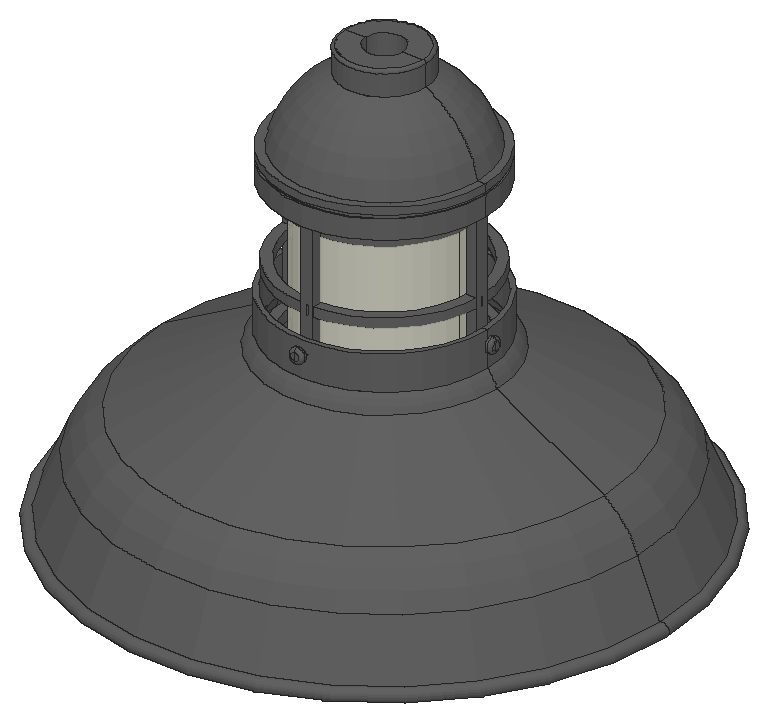
Revit family "WCG12", category Lighting Fixtures, Revit 2024
Family settings
  Round Connector Dimension = Use Diameter
  Part Type = Normal
  OmniClass Number = 23.80.70.00
  OmniClass Title = Lighting
  Work Plane-Based = No
  Always vertical = Yes
  Cut with Voids When Loaded = No
  Light Source = No
  Maintain Annotation Orientation = No
  Shared = No
  Room Calculation Point = No
Parameters
  Default Elevation = 0' - 0"
Reference planes (in)
  plane 1 "Light Source Axis (F/B)": y = 0
  plane 2: z = 0
  plane 3 "Light Source Axis (L/R)": x = 0
  plane 4 "Light Source Elevation": z = 84
Forms (in)
  Revolve 1, solid, material "41"
    sketch origin (0, 0, 0) x (1, 0, 0) y (0, 0, 1)
      loop
        arc (-2.17545, 87.77309) -> (-2.29054, 87.62293) -> (-2.36729, 87.45) r 0.80278
        spline (-2.36729, 87.45) -> (-2.55273, 87.36244) -> (-2.73892, 87.27235) -> (-2.92587, 87.17974) -> (-3.11357, 87.08459) -> (-3.30202, 86.98692) -> (-3.49123, 86.88672) -> (-3.68119, 86.78399) -> (-3.87191, 86.67874) -> (-4.06338, 86.57095) -> (-4.2556, 86.46064) -> (-4.44858, 86.3478) -> (-4.64231, 86.23243)
        arc (-4.64231, 86.23243) -> (-5.05535, 85.83933) -> (-5.34737, 85.34958) r 2.09921
        line (-5.34737, 85.34958) -> (-5.81411, 84.25)
        arc (-5.81411, 84.25) -> (-5.99641, 84.16198) -> (-5.875, 84) r 0.1311
        line (-5.875, 84) -> (-5.81839, 84) -> (-5.26107, 85.31295)
        arc (-5.26107, 85.31295) -> (-4.98376, 85.77874) -> (-4.59183, 86.15325) r 2.00546
        spline (-4.59183, 86.15325) -> (-4.39552, 86.27014) -> (-4.2, 86.38441) -> (-4.00527, 86.49606) -> (-3.81134, 86.6051) -> (-3.61821, 86.71152) -> (-3.42587, 86.81532) -> (-3.23433, 86.91651) -> (-3.04359, 87.01508) -> (-2.85364, 87.11103) -> (-2.66449, 87.20437) -> (-2.47614, 87.2951) -> (-2.28859, 87.38321)
        arc (-2.28859, 87.38321) -> (-2.21082, 87.57356) -> (-2.0817, 87.7336) r 0.70903
        line (-2.0817, 87.7336) -> (-2.0817, 88.5) -> (-2.17545, 88.5) -> (-2.17545, 87.77309)
      axis (0, 84) -> (0, 88.5)
    angle from 0 to 360
  Extrusion 2, solid, material "41"
    sketch origin (6.84003, -1.34798, 6.03286) x (1, 0, 0) y (0, 0, 1)
      loop
        line (-4.78958, 84.58935) -> (-4.99147, 84.58935) -> (-4.99147, 79.4727)
        arc (-4.99147, 79.4727) -> (-5.57549, 78.12432) -> (-6.95853, 77.62794) r 1.84856
        arc (-6.95853, 77.62794) -> (-8.1884, 78.20816) -> (-8.68859, 79.4727) r 1.84856
        line (-8.68859, 79.4727) -> (-8.68859, 84.58935) -> (-8.89048, 84.58935) -> (-8.89048, 79.4727)
        arc (-8.89048, 79.4727) -> (-6.84003, 77.42225) -> (-4.78958, 79.4727) r 2.05045
        line (-4.78958, 79.4727) -> (-4.78958, 84.58935)
    from -1.47618 to -1.22382
  Revolve 3, solid, material "41"
    sketch origin (6.84003, 0, 6.03286) x (1, 0, 0) y (0, 0, 1)
      loop
        line (-4.69794, 85.06325) -> (-4.69794, 85.21325) -> (-4.8646, 85.21325)
        arc (-4.8646, 85.21325) -> (-5.25766, 86.02652) -> (-5.96503, 86.58825) r 2.02674
        line (-5.96503, 86.58825) -> (-5.96503, 87.02575)
        arc (-5.96503, 87.02575) -> (-5.98334, 87.06994) -> (-6.02753, 87.08825) r 0.0625
        line (-6.02753, 87.08825) -> (-6.45092, 87.08825) -> (-6.45092, 86.65354)
        arc (-6.45092, 86.65354) -> (-5.46253, 86.11619) -> (-4.94074, 85.1195) r 1.93299
        line (-4.94074, 85.1195) -> (-4.83639, 85.1195) -> (-4.83639, 84.89938) -> (-4.79169, 84.89938) -> (-4.79169, 84.6831) -> (-5.08522, 84.6831) -> (-5.08522, 84.30461) -> (-4.99147, 84.30461) -> (-4.99147, 84.58935) -> (-4.69794, 84.58935) -> (-4.69794, 84.99313) -> (-4.74264, 84.99313) -> (-4.74264, 85.06325) -> (-4.69794, 85.06325)
      loop
        line (-4.99147, 82.87328) -> (-4.78958, 82.87328) -> (-4.78958, 83.07517) -> (-4.99147, 83.07517) -> (-4.99147, 82.87328)
      loop
        line (-4.99147, 81.35911) -> (-4.78958, 81.35911) -> (-4.78958, 81.561) -> (-4.99147, 81.561) -> (-4.99147, 81.35911)
      loop
        line (-4.99147, 79.84493) -> (-4.78958, 79.84493) -> (-4.78958, 80.04682) -> (-4.99147, 80.04682) -> (-4.99147, 79.84493)
      loop
        line (-5.24003, 84.58935) -> (-5.33378, 84.58935) -> (-5.33378, 79.6014)
        arc (-5.33378, 79.6014) -> (-5.77495, 78.53632) -> (-6.84003, 78.09515) r 1.50625
        line (-6.84003, 78.09515) -> (-6.84003, 78.0014)
        arc (-6.84003, 78.0014) -> (-5.70866, 78.47003) -> (-5.24003, 79.6014) r 1.6
        line (-5.24003, 79.6014) -> (-5.24003, 84.58935)
      axis (-6.84003, 87.08825) -> (-6.84003, 78.0014)
    angle from 0 to 360
  Extrusion 4, solid, material "41"
    sketch origin (5.40871, -9.34798, 6.03286) x (0, -1, 0) y (0, 0, 1)
      loop
        line (-11.40045, 84.58935) -> (-11.40045, 79.4727)
        arc (-11.40045, 79.4727) -> (-9.35, 77.42225) -> (-7.29955, 79.4727) r 2.05045
        line (-7.29955, 79.4727) -> (-7.29955, 84.58935) -> (-7.50144, 84.58935) -> (-7.50144, 79.4727)
        arc (-7.50144, 79.4727) -> (-8.05489, 78.15366) -> (-9.38383, 77.62445) r 1.84856
        arc (-9.38383, 77.62445) -> (-10.66903, 78.17758) -> (-11.19856, 79.4727) r 1.84856
        line (-11.19856, 79.4727) -> (-11.19856, 84.58935) -> (-11.40045, 84.58935)
    from 5.28252 to 5.53489
  Revolve 5, solid, material "41"
    sketch origin (0, 0, 28.75) x (1, 0, 0) y (0, 0, 1)
      loop
        line (2.35226, 59.5) -> (2.35226, 59.59)
        arc (2.35226, 59.59) -> (2.33469, 59.63243) -> (2.29226, 59.65) r 0.06
        line (2.29226, 59.65) -> (2.25008, 59.65) -> (2.25008, 59.57321) -> (1.99937, 59.57321) -> (1.99937, 59.5) -> (2.35226, 59.5)
      axis (2.35226, 59.5) -> (1.99937, 59.5)
    angle from 0 to 360
  Revolve 6, solid, material "41"
    sketch origin (0, 0, 28.75) x (0, -1, 0) y (0, 0, 1)
      loop
        line (2.35226, 59.5) -> (2.35226, 59.59)
        arc (2.35226, 59.59) -> (2.33469, 59.63243) -> (2.29226, 59.65) r 0.06
        line (2.29226, 59.65) -> (2.25008, 59.65) -> (2.25008, 59.57321) -> (1.99937, 59.57321) -> (1.99937, 59.5) -> (2.35226, 59.5)
      axis (2.35226, 59.5) -> (1.99937, 59.5)
    angle from 0 to 360
  Revolve 7, solid, material "41"
    sketch origin (0, 0, 28.75) x (0, 1, 0) y (0, 0, 1)
      loop
        line (2.35226, 59.5) -> (2.35226, 59.59)
        arc (2.35226, 59.59) -> (2.33469, 59.63243) -> (2.29226, 59.65) r 0.06
        line (2.29226, 59.65) -> (2.25008, 59.65) -> (2.25008, 59.57321) -> (1.99937, 59.57321) -> (1.99937, 59.5) -> (2.35226, 59.5)
      axis (2.35226, 59.5) -> (1.99937, 59.5)
    angle from 0 to 360
  Revolve 8, solid, material "41"
    sketch origin (0, 0, 28.75) x (-1, 0, 0) y (0, 0, 1)
      loop
        line (2.35226, 59.5) -> (2.35226, 59.59)
        arc (2.35226, 59.59) -> (2.33469, 59.63243) -> (2.29226, 59.65) r 0.06
        line (2.29226, 59.65) -> (2.25008, 59.65) -> (2.25008, 59.57321) -> (1.99937, 59.57321) -> (1.99937, 59.5) -> (2.35226, 59.5)
      axis (2.35226, 59.5) -> (1.99937, 59.5)
    angle from 0 to 360
Dimensions and locks (in)
  aligned and locked: level to plane 2
